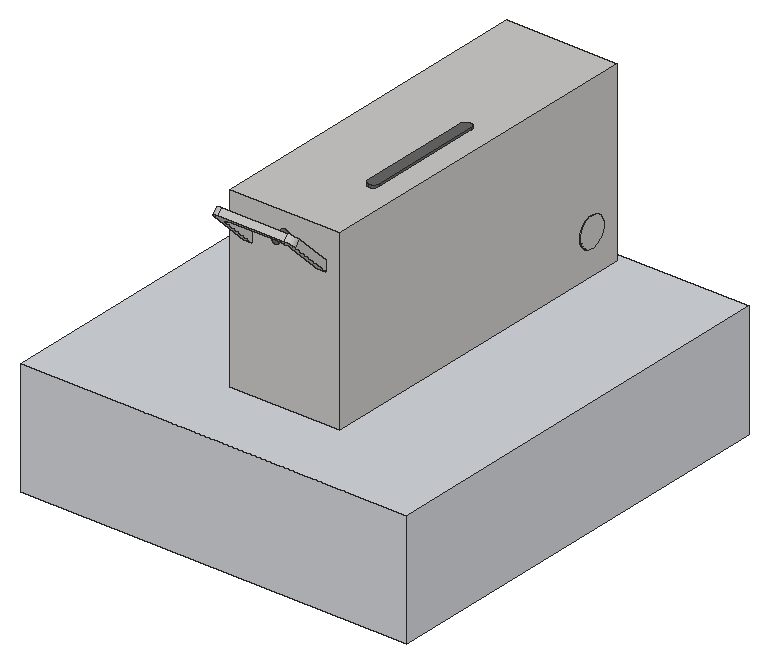
Revit family
Parameters (values of type "Foam Soap 1000ml")
  Warranty Duration (Years) = 0
  Unit Width = 0' - 3 3/4"
  Unit Height = 1' - 1 7/32"
  Unit Depth = 0' - 4 7/32"
  URL = "http://www.bobrick.com/Pages/default.aspx"
  Test Data = ""
  Standards Conformance = "ADA with proper mounting height"
  Specification = ""
  SpecWizard = ""
  Send Message = "http://www.arcat.com/users.pl?action=UserEmail&company=Bobrick+Washroom+Equipment,+Inc.&coid=30988&rep=156&fax=818-503-1930&mf="
  Sales Information = "http://www.bobrick.com/Pages/ContactUs.aspx"
  Revision = "R1_2014-10"
  Region Restriction = "International Only"
  Product Properties = ""
  Product Data = "http://arcat.com/arcatcos/cos30/arc30988.html"
  Mounting Height [instance] = 3' - 3 1/2"
  Model = "B-26637"
  Manufacturer Website = "http://www.bobrick.com/Pages/default.aspx"
  Manufacturer Phone - Toll Free = ""
  Manufacturer Phone = "818-764-1000"
  Manufacturer Fax = "818-503-1930"
  Manufacturer Address = "11611 Hart St. North Hollywood, CA 91605-5882"
  Manufacturer = "Bobrick Washroom Equipment, Inc."
  Maintenance Schedule (Months) = 0
  Keynote = "102813"
  Installation-Fabrication = "http://www.bobrick.com/washroomaccessories/Pages/WashroomAccessories.aspx"
  Installation Phase = ""
  Green Building-LEED = ""
  Finish Material = Stainless Steel - Bobrick - Satin
  Expected Lifespan (Years) = 0
  Drawn By = "Sumex Design, Inc. / Robert S. Weygant, CSI, CDT, SCIP"
  Description = "Bobrick Surface Mounted Foam Soap Dispenser - TrimLineSeries B-26637"
  Default Elevation = 0' - 0"
  Copyright = "©Arcat Inc."
  Construction Details = ""
  Capacity = "1000 ml"
  Building Codes = ""
  Assembly Code = "E1090900"
  Accent Finish [instance] = Paint - Bobrick - Black
Types (4): name | Unit Height | Region Restriction | Model | Description | Capacity
  Foam Soap 1000ml | 1' - 1 7/32" | "International Only" | "B-26637" | "Bobrick Surface Mounted Foam Soap Dispenser - TrimLineSeries B-26637" | "1000 ml"
  Foam Soap 500ml | 0' - 11 23/32" | "International Only" | "B-26627" | "Bobrick Surface Mounted Foam Soap Dispenser - TrimLineSeries B-26627" | "500 ml"
  Liquid Soap 1000ml | 1' - 1 7/32" | "None" | "B-26617" | "Bobrick Surface Mounted Liquid Soap Dispenser - TrimLineSeries B-26617" | "1000 ml"
  Liquid Soap 500ml | 0' - 11 23/32" | "None" | "B-26607" | "Bobrick Surface Mounted Liquid Soap Dispenser - TrimLineSeries B-26607" | "500 ml"
Reference planes (in)
  plane 1 "ADA Mount Line": y = -5.3942
  plane 2: z = 0
  plane 3 "Center (Left/Right)": x = 0
  plane 4: x = -1.875
  plane 5: x = 1.875
  plane 6 "FF": y = -44.8942
  plane 7: y = 6.3558
  plane 8: y = -6.86295
Forms (in)
  Extrusion 1, solid
    sketch origin (0, 0, 0) x (1, 0, 0) y (0, 1, 0)
      loop
        line (-7, 6.6058) -> (-7, -7.88039) -> (6.13433, -7.88039) -> (6.13433, 6.6058) -> (-7, 6.6058)
    from 0 to -3.89711
  Extrusion 2, solid, material "Stainless Steel - Bobrick - Satin" <- "Finish Material"
    sketch origin (0, 0, 0) x (0, 1, 0) y (0, 0, 1)
      loop
        line (-5.3942, 0) -> (6.3558, 0) -> (6.3558, 6) -> (-5.3942, 6) -> (-5.3942, 0)
    from -1.875 to 1.875
  Extrusion 3, solid, material "Stainless Steel - Bobrick - Satin" <- "Finish Material"
    sketch origin (0, -5.64761, 4.90124) x (0, 0.707107, -0.707107) y (1, 0, 0)
      loop
        line (0.40077, -1.375) -> (0.40077, -1.125) -> (-1.21221, -1.125)
        arc (-1.21221, -1.125) -> (-1.38899, -1.05178) -> (-1.46221, -0.875) r 0.25
        line (-1.46221, -0.875) -> (-1.46221, 0.875)
        arc (-1.46221, 0.875) -> (-1.38899, 1.05178) -> (-1.21221, 1.125) r 0.25
        line (-1.21221, 1.125) -> (0.39829, 1.125) -> (0.39829, 1.375) -> (-1.46221, 1.375)
        arc (-1.46221, 1.375) -> (-1.63899, 1.30178) -> (-1.71221, 1.125) r 0.25
        line (-1.71221, 1.125) -> (-1.71221, -1.125)
        arc (-1.71221, -1.125) -> (-1.63899, -1.30178) -> (-1.46221, -1.375) r 0.25
        line (-1.46221, -1.375) -> (0.40077, -1.375)
    from -0.25 to 0
  Extrusion 4, solid, material "Paint - Bobrick - Black" <- "Accent Finish"
    sketch origin (0, -5.3942, 0) x (1, 0, 0) y (0, 0, 1)
      loop
        circle (0, 5.32731) r 0.13699
    from 0 to 0.39705
  Extrusion 5, solid, material "Paint - Bobrick - Black" <- "Accent Finish"
    sketch origin (0, 0, 0) x (1, 0, 0) y (0, 1, 0)
      loop
        line (0.72821, 1.1255) -> (0.72821, -2.76931)
        arc (0.72821, -2.76931) -> (0.91571, -2.95681) -> (1.10321, -2.76931) r 0.1875
        line (1.10321, -2.76931) -> (1.10321, 1.1255)
        arc (1.10321, 1.1255) -> (0.91571, 1.313) -> (0.72821, 1.1255) r 0.1875
    from 6 to 6.0625
  Extrusion 6, void
    sketch origin (0, 0, -0.03125) x (0, 1, 0) y (0, 0, 1)
      loop
        line (-6.86295, 6.14783) -> (-6.86295, 4) -> (-4.71512, 4) -> (-6.86295, 6.14783)
    from 0 to 0.31412
  Extrusion 7, solid, material "Stainless Steel - Bobrick - Satin" <- "Finish Material"
    sketch origin (0, 0, 0) x (0, 1, 0) y (0, 0, 1)
      loop
        circle (5.23189, 1.39178) r 0.5
    from 1.875 to 1.9375
Dimensions and locks (in)
  equal spacing: plane 4, plane 3 "Center (Left/Right)", plane 5
  "Unit Width": plane 4 to plane 5
  "Mounting Height": plane 1 "ADA Mount Line" to plane 6 "FF"
  locked: plane 8 to plane 1 "ADA Mount Line" at 1.46875
  "Unit Height": plane 7 to plane 8
  plane 1 "ADA Mount Line" to Extrusion 5 sketch curve to Extrusion 5 sketch curve = 0' - 2.62489" locked, 0' - 3.8948" locked
  aligned and locked: plane 2 to Extrusion 1
  aligned and locked: level to Extrusion 1
Automatic sketch dimensions
  Extrusion 1 sketch curve to Extrusion 1 sketch curve = 1' - 1.13433"
  Extrusion 1 sketch curve to Extrusion 1 sketch curve = 1' - 2.4862"
  Extrusion 2 sketch curve to plane 1 "ADA Mount Line" = 0' - 0"
  Extrusion 2 sketch curve to plane 7 = 0' - 0"
  Extrusion 2 sketch curve to level = 0' - 0"
  Extrusion 2 sketch curve to Extrusion 2 sketch curve = 0' - 6"
  Extrusion 4 sketch curve to plane 3 "Center (Left/Right)" = 0' - 0"
  level to Extrusion 4 sketch curve = 0' - 5.32731"
  plane 3 "Center (Left/Right)" to Extrusion 5 sketch curve = 0' - 0.72821"
  Extrusion 5 sketch curve to Extrusion 5 sketch curve = 0' - 0 3/16"
  plane 1 "ADA Mount Line" to Extrusion 6 sketch curve = 0' - 1 15/32"
  Extrusion 6 sketch curve to plane 1 "ADA Mount Line" = 0' - 0.67908"
  level to Extrusion 6 sketch curve = 0' - 3 31/32"
  Extrusion 6 sketch curve to Extrusion 6 sketch curve = 0' - 2.14783"
  Extrusion 3 sketch curve to Extrusion 6 = 0' - 0.00654"
  Extrusion 3 sketch curve to Extrusion 3 sketch curve = 0' - 0 1/4"  (x5)
  Extrusion 3 sketch curve to Extrusion 3 sketch curve = 0' - 0"  (x2)
  Extrusion 3 sketch curve to Extrusion 6 = 0' - 2.11704"
  Extrusion 3 sketch curve to Extrusion 6 = 0' - 2.11952"
  Extrusion 6 to Extrusion 3 sketch curve = 0' - 1 3/8"
  Extrusion 3 sketch curve to Extrusion 6 = 0' - 0 7/8"
  Extrusion 7 sketch curve to plane 7 = 0' - 1.12392"
  level to Extrusion 7 sketch curve = 0' - 1.39178"
  radius of Extrusion 4 sketch curve = 0' - 0.13699"
  radius of Extrusion 7 sketch curve = 0' - 0 1/2"
